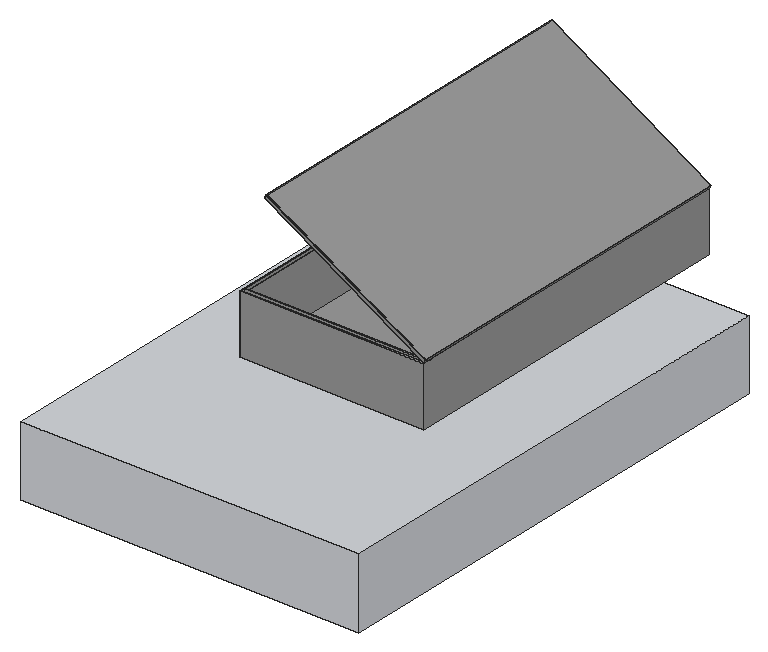
Revit family "Hager-Univers-IP55-D275-H1550-Cl.II-Steel_encl-PT-pt", category Equipement électrique, Revit 2020
Family settings
  Hôte = Face
  Configuration du panneau = Deux colonnes, circuits au sein
  Cote de connecteur circulaire = Utiliser le diamètre
  Type d'élément = Tableau de raccordement
  Couper avec des vides une fois chargée = Non
  Partagée = Non
  Point de calcul de pièce = Non
Parameters (values of type "Montagem em superfície (gesso) IP55 L800 A1550 P275  - FR03S")
  Width Control [instance] = if([EF000008 - Largura] > Min Width, [EF000008 - Largura], Min Width)  # 800 mm
  Commentaires du type = [HG000003 - Gama]  # "Univers"
  Thickness Door [instance] = if([EF009171 - Espessura do material da porta/tampa] > 3 mm, 3 mm, [EF009171 - Espessura do material da porta/tampa])  # 1.5 mm
  Seal Frame Offset [instance] = 17 mm  # constant formula
  Plinth Visibility [instance] = [HG000027 - Altura da Plinta] > 0 mm  # no
  Model = ""
  Min Width [instance] = 100 mm  # constant formula
  Min Height [instance] = 100 mm  # constant formula
  Min Depth [instance] = (2 * [EF009170 - Espessura do material do invólucro]) + 1 mm  # 4 mm
  Internal Frame Depth [instance] = (Door System Depth * 0.5)  # 9 mm
  Height Control [instance] = if([EF000040 - Altura] > Min Height, [EF000040 - Altura], Min Height)  # 1550 mm
  HG000027 - Altura da Plinta = 0 mm
  HG000026 - Instalação no chão = no
  HG000024 - Altura da secção inferior = 800 mm
  HG000023 - Recinto de secção dupla = no
  HG000016 - Visibilidade da porta 3D [instance] = yes
  HG000015 - Visibilidade através da porta [instance] = no
  HG000014 - Porta à direita [instance] = yes
  HG000013 - Porta à esquerda [instance] = not([HG000014 - Porta à direita])  # no
  HG000012 - Ângulo de abertura de porta [instance] = 30.00°
  HG000010 - Portas assimétricas = no
  HG000009 - Porta dupla = no
  HG000006 - Encastrado = no
  HG000004 - Referência do Fabricante = "FR03S"
  HG000003 - Gama = "Univers"
  HG000002 - Com porta ou tampa = yes
  Frame Offset Bottom [instance] = 10 mm  # constant formula
  Frame Offset [instance] = 15 mm  # constant formula
  EF015940 - Tampa com libertação de sobrepressão = no
  EF011959 - Grau de proteção (NEMA) = ""
  EF009554 - Número de aberturas para placas de flange = 6
  Fabricant = "Hager"  # constant formula
  EF009212 - Tipo de tampa = "EV000116 - Fechado"
  EF009171 - Espessura do material da porta/tampa = 1.5 mm
  EF009170 - Espessura do material do invólucro = 1.5 mm
  EF008873 - Corrente nominal (In) = 800 A
  EF007800 - Adequado para proteção contra raios = no
  EF006306 - Com fecho = no
  EF006244 - Tampa/porta transparente = no
  EF005474 - Grau de proteção (IP) = "EV006420 - IP55"
  EF004464 - Tipo de porta = "EV002646 - Único"
  EF004427 - Número de módulos = 360
  EF004293 - Força de impacto = "EV008784 - IK10"
  EF003532 - Adequado para uso no exterior = no
  EF002950 - Largura em número de módulos = 24
  EF001613 - Integridade do circuito = "EV000494 - Nenhum"
  EF001596 - Material do corpo = "EV000179 - Aço"
  EF001131 - Profundidade interior = 275 mm
  EF001088 - Extensão possível = yes
  EF000437 - Número de entradas de condutores = 6
  EF000339 - Tipo de difusor = "EV004216 - Porta"
  EF000266 - Número de linhas = 10
  EF000218 - Profundidade incorporada = 0 mm
  EF000118 - Com tampa de montagem = no
  EF000116 - Número RAL = "7035"
  EF000049 - Profundidade = 275 mm
  EF000040 - Altura = 1550 mm
  EF000008 - Largura = 800 mm
  EF000007 - Cor = "EV000270 - Cinzento"
  EF000003 - Método de montagem = "EV000384 - Montagem em superfície (gesso)"
  Door System Leaf Tolerance [instance] = 1.5 mm  # constant formula
  Door System Depth [instance] = 18 mm  # constant formula
  Door Height [instance] = Height Control - [HG000027 - Altura da Plinta]  # 1550 mm
  Depth Control [instance] = if([EF000049 - Profundidade] > Min Depth, [EF000049 - Profundidade], Min Depth)  # 275 mm
  Default Elevation = 0 mm
  Connector Offset [instance] = Height Control / 2  # 775 mm
  Bottom Top Plate Trim [instance] = 1.5 mm  # constant formula
  Plinth height Ctrl [instance] = if([HG000027 - Altura da Plinta] > 0 mm, [HG000027 - Altura da Plinta], 12 mm)  # 12 mm
Types (5, lengths in mm): name | Width Control | HG000010 - Portas assimétricas | HG000009 - Porta dupla | HG000004 - Referência do Fabricante | EF009554 - Número de aberturas para placas de flange | EF004464 - Tipo de porta | EF004427 - Número de módulos | EF000437 - Número de entradas de condutores | EF000008 - Largura
  Montagem em superfície (gesso) IP55 L1050 A1550 P275  - FR04S | 1050 | no | yes | "FR04S" | 8 | "EV003602 - Duplo" | 480 | 8 | 1050
  Montagem em superfície (gesso) IP55 L1300 A1550 P275  - FR05S | 1300 | yes | yes | "FR05S" | 10 | "EV003602 - Duplo" | 600 | 10 | 1300
  Montagem em superfície (gesso) IP55 L300 A1550 P275  - FR01S | 300 | no | no | "FR01S" | 2 | "EV002646 - Único" | 120 | 2 | 300
  Montagem em superfície (gesso) IP55 L550 A1550 P275  - FR02S | 550 | no | no | "FR02S" | 4 | "EV002646 - Único" | 240 | 4 | 550
  Montagem em superfície (gesso) IP55 L800 A1550 P275  - FR03S | 800 | no | no | "FR03S" | 6 | "EV002646 - Único" | 360 | 6 | 800
Reference planes
  plane 1 "Center (Front/Back)": y = 0
  plane 2: z = 0
  plane 3 "Center (Left/Right)": x = 0
  plane 4: z = 275
  plane 5: y = 1.5
  plane 6: y = 775
  plane 7: y = 0
  plane 8: y = 1550
  plane 9: z = 0
  plane 10: x = -385
  plane 11: x = 385
  plane 12: x = 383.5
  plane 13: x = -383.5
  plane 14: y = 1548.5
  plane 15: x = -383
  plane 16: x = -400
  plane 17: x = 383
  plane 18: x = 400
  plane 19: x = 398.5
  plane 20: x = -398.5
  plane 21: y = 11.5
  plane 22: y = 1550
  plane 23: y = 1533.5
  plane 24: z = 257
  plane 25: z = 1.5
  plane 26: z = 255.5
  plane 27: z = 273.5
Forms (mm)
  Extrusion 1, solid
    sketch origin (0, 0, 0) x (1, 0, 0) y (0, 1, 0)
      loop
        line (-702.964, 1305) -> (-702.964, -811.445) -> (766.763, -811.445) -> (766.763, 1305) -> (-702.964, 1305)
    from 0 to -304.8
  Extrusion 2, solid, material "Hager_Steel_RAL7035_Light_Grey", visible <- "Plinth Visibility", detail levels medium+fine
    sketch origin (0, 0, 0) x (1, 0, 0) y (0, 1, 0)
      loop
        line (-400, 0) -> (400, 0) -> (400, 12) -> (-400, 12) -> (-400, 0)
    from 0 to 257
  Extrusion 3, solid, material "Hager_Steel_RAL7035_Light_Grey", detail levels medium+fine
    sketch origin (0, 0, 0) x (1, 0, 0) y (0, 1, 0)
      loop
        line (-400, 0) -> (400, 0) -> (400, 1550) -> (-400, 1550) -> (-400, 0)
    from 0 to 257
  Extrusion 4, void
    sketch origin (0, 0, 0) x (1, 0, 0) y (0, 1, 0)
      loop
        line (-398.5, 1.5) -> (398.5, 1.5) -> (398.5, 1548.5) -> (-398.5, 1548.5) -> (-398.5, 1.5)
    from 1.5 to 255.5
  Extrusion 5, void
    sketch origin (-381.607, -4572, 257) x (0, -1, 0) y (-1, 0, 0)
      loop
        line (-4583.5, 1.893) -> (-6105.5, 1.893) -> (-6105.5, -765.107) -> (-4583.5, -765.107) -> (-4583.5, 1.893)
    from 0 to 1.5 <- "EF009170 - Espessura do material do invólucro"
  Extrusion 6, solid, material "Hager_Steel_RAL7035_Light_Grey", detail levels fine
    sketch origin (0, 0, 257) x (1, 0, 0) y (0, 1, 0)
      loop
        line (-383.5, 1533.5) -> (-383.5, 11.5) -> (383.5, 11.5) -> (383.5, 1533.5) -> (-383.5, 1533.5)
      loop
        line (-385, 10) -> (385, 10) -> (385, 1535) -> (-385, 1535) -> (-385, 10)
    from 0 to 9 <- "Internal Frame Depth"
  Extrusion 7, solid, material "Hager_Steel_RAL7035_Light_Grey", detail levels coarse
    sketch origin (0, 0, 0) x (1, 0, 0) y (0, 1, 0)
      loop
        line (-400, 0) -> (400, 0) -> (400, 1550) -> (-400, 1550) -> (-400, 0)
    from 0 to 275
  Sweep 8, void
    path in 3D
      loop
        line (-400, 12, 0) -> (400, 12, 0) -> (400, 12, 257) -> (-400, 12, 257) -> (-400, 12, 0)
    profile origin (-400, 12, 128.5) x (-1, 0, 0) y (0, -1, 0)
      loop
        line (0, 0) -> (0, 1.5) -> (-1.5, 1.5)
        arc (-1.5, 1.5) -> (-1.061, 0.439) -> (0, 0) r 1.5
Cuts and joins
  Extrusion 4, Extrusion 5 cuts Extrusion 3
  Sweep 8 cuts Extrusion 2
Lines and regions (mm)
  Masking region 1
    outline origin (0, 0, 0) x (1, 0, 0) y (0, 0, 1)
      loop
        line (-400, 275) -> (-400, 0) -> (400, 0) -> (400, 275) -> (-400, 275)
  Masking region 2, detail levels medium+fine
    outline origin (0, 140, 0) x (0, 1, 0) y (0, 0, 1)
      loop
        line (-140, 0) -> (1410, 0) -> (1410, 257) -> (-140, 257) -> (-140, 0)
  Masking region 3, not visible, detail levels medium+fine
    outline origin (0, 297.922, 0) x (0, 1, 0) y (0, 0, 1)
      loop
        line (488.578, 0) -> (528.578, 0) -> (528.578, 263.5)
        arc (528.578, 263.5) -> (525.649, 270.571) -> (518.578, 273.5) r 10
        line (518.578, 273.5) -> (488.578, 273.5) -> (488.578, 0)
  Masking region 4, detail levels coarse
    outline origin (0, 0, 180) x (0, 1, 0) y (0, 0, 1)
      loop
        line (0, -180) -> (1550, -180) -> (1550, 95) -> (0, 95) -> (0, -180)
  Masking region 5, visible <- "Plinth Visibility", detail levels medium+fine
    outline origin (0, 52.24, 12.345) x (0, 0, -1) y (0, 1, 0)
      loop
        line (10.845, -40.24) -> (-243.155, -40.24)
        arc (-243.155, -40.24) -> (-243.594, -41.301) -> (-244.655, -41.74) r 1.5
        line (-244.655, -41.74) -> (-244.655, -52.24) -> (12.345, -52.24) -> (12.345, -41.74)
        arc (12.345, -41.74) -> (11.285, -41.301) -> (10.845, -40.24) r 1.5
  Masking region 6, detail levels medium+fine
    outline origin (-381.607, -4572, 257) x (-1, 0, 0) y (0, -1, 0)
      loop
        line (18.393, -6122) -> (18.393, -4572) -> (-781.607, -4572) -> (-781.607, -6122) -> (18.393, -6122)
  Masking region 7, visible <- "Plinth Visibility", detail levels medium+fine
    outline origin (-381.607, -4727, 257) x (-1, 0, 0) y (0, -1, 0)
      loop
        arc (16.893, -4739) -> (17.332, -4737.939) -> (18.393, -4737.5) r 1.5
        line (18.393, -4737.5) -> (18.393, -4727) -> (-781.607, -4727) -> (-781.607, -4737.5)
        arc (-781.607, -4737.5) -> (-780.546, -4737.939) -> (-780.107, -4739) r 1.5
        line (-780.107, -4739) -> (16.893, -4739)
  Masking region 8, detail levels coarse
    outline origin (-442.548, -4669.526, 257) x (-1, 0, 0) y (0, -1, 0)
      loop
        line (-42.548, -6219.526) -> (-42.548, -4669.526) -> (-842.548, -4669.526) -> (-842.548, -6219.526) -> (-42.548, -6219.526)
  sketch lines
    curve 1: line (-400, 12, 257) -> (-400, 12, 0)
    curve 2: line (400, 12, 257) -> (-400, 12, 257)
    curve 3: line (400, 12, 257) -> (400, 12, 0)
    curve 4: line (-400, 12, 0) -> (400, 12, 0)
Dimensions and locks
  "Depth Control": plane 4 to Extrusion 1
  "HG000027 - Altura da Plinta": plane 1 "Center (Front/Back)" to plane 7
  "EF009170 - Espessura do material do invólucro": plane 5 to plane 7
  locked: connector elem to plane 3 "Center (Left/Right)"
  equal spacing: plane 8, plane 6, plane 7
  locked: connector elem to plane 6
  "EF009170 - Espessura do material do invólucro": plane 8 to plane 14
  "EF009170 - Espessura do material do invólucro": plane 10 to plane 13
  "EF009170 - Espessura do material do invólucro": plane 12 to plane 11
  "Frame Offset": plane 20 to plane 13
  "Frame Offset": plane 12 to plane 19
  "EF009170 - Espessura do material do invólucro": plane 16 to plane 20
  "EF009170 - Espessura do material do invólucro": plane 19 to plane 18
  "Seal Frame Offset": plane 16 to plane 15
  "Seal Frame Offset": plane 17 to plane 18
  "Frame Offset Bottom": plane 21 to plane 5
  "Frame Offset": plane 14 to plane 23
  equal spacing: plane 16, plane 3 "Center (Left/Right)", plane 18
  "Width Control": plane 16 to plane 18
  "EF009170 - Espessura do material do invólucro": plane 4 to plane 27
  "EF009170 - Espessura do material do invólucro": plane 24 to plane 26
  "EF009170 - Espessura do material do invólucro": plane 25 to level
  "Door System Depth": plane 4 to plane 24
  "Height Control": plane 1 "Center (Front/Back)" to Extrusion 7 sketch curve
  "Height Control": Masking region 4 sketch curve to plane 1 "Center (Front/Back)"
  "Height Control": plane 1 "Center (Front/Back)" to plane 22
  "Bottom Top Plate Trim": profile plane to Sweep 8 sketch curve
  "Bottom Top Plate Trim": Sweep 8 sketch curve to profile plane
  "Plinth height Ctrl": plane 1 "Center (Front/Back)" to Extrusion 2 sketch curve
  "Plinth height Ctrl": Masking region 5 sketch curve to plane 1 "Center (Front/Back)"
  "Plinth height Ctrl": plane 1 "Center (Front/Back)" to Masking region 7 sketch curve
  "Thickness Door": Extrusion 6 sketch curve to Extrusion 6 sketch curve  (x3)
  "Thickness Door": cut or joined group of Extrusion 3, Extrusion 4, Extrusion 5 to Extrusion 6 sketch curve
  radius of Masking region 3 sketch curve = 10 mm
  "Bottom Top Plate Trim": radius of Masking region 5 sketch curve  (x2)
  "Bottom Top Plate Trim": radius of Sweep 8 sketch curve
  "Bottom Top Plate Trim": radius of Masking region 7 sketch curve  (x2)
  aligned and locked: plane 2 to Extrusion 1
  aligned and locked: level to Extrusion 1
  aligned and locked: level to Masking region 1 sketch curve
  aligned and locked: Masking region 1 sketch curve to plane 18
  aligned and locked: Masking region 1 sketch curve to plane 16
  aligned and locked: plane 7 to Masking region 2 sketch curve
  aligned and locked: level to Masking region 3 sketch curve
  aligned and locked: Masking region 3 sketch curve to plane 27
  aligned and locked: level to Masking region 2 sketch curve
  aligned and locked: plane 1 "Center (Front/Back)" to Extrusion 2 sketch curve
  aligned and locked: Extrusion 3 sketch curve to plane 7
  aligned and locked: plane 16 to Extrusion 3 sketch curve
  aligned and locked: plane 18 to Extrusion 3 sketch curve
  aligned and locked: plane 20 to Extrusion 4 sketch curve
  aligned and locked: plane 19 to Extrusion 4 sketch curve
  aligned and locked: Extrusion 4 sketch curve to plane 5
  aligned and locked: Extrusion 4 to plane 25
  aligned and locked: plane 26 to Extrusion 4
  aligned and locked: plane 24 to Extrusion 3
  aligned and locked: Extrusion 5 sketch curve to plane 21
  aligned and locked: Extrusion 5 sketch curve to plane 13
  aligned and locked: Extrusion 5 sketch curve to plane 12
  aligned and locked: plane 18 to Extrusion 7 sketch curve
  aligned and locked: plane 1 "Center (Front/Back)" to Extrusion 7 sketch curve
  aligned and locked: plane 16 to Extrusion 7 sketch curve
  aligned and locked: plane 4 to Extrusion 7
  aligned and locked: Extrusion 7 to level
  aligned and locked: level to Masking region 4 sketch curve
  aligned and locked: Masking region 4 sketch curve to plane 1 "Center (Front/Back)"
  aligned and locked: Masking region 4 sketch curve to plane 4
  aligned and locked: nested 1 to level
  aligned and locked: nested 1 to plane 16
  aligned and locked: plane 8 to Extrusion 3 sketch curve
  aligned and locked: plane 23 to Extrusion 5 sketch curve
  aligned and locked: plane 14 to Extrusion 4 sketch curve
  aligned and locked: Masking region 2 sketch curve to plane 8
  aligned and locked: level to Masking region 5 sketch curve
  aligned and locked: plane 16 to Extrusion 2 sketch curve
  aligned and locked: plane 18 to Extrusion 2 sketch curve
  aligned and locked: Masking region 5 sketch curve to plane 24
  aligned and locked: Masking region 2 sketch curve to plane 24
  aligned and locked: plane 24 to Extrusion 2
  aligned and locked: profile plane to Sweep 8 sketch curve  (x2)
  aligned and locked: Masking region 6 sketch curve to plane 18
  aligned and locked: Masking region 6 sketch curve to plane 22
  aligned and locked: Masking region 6 sketch curve to plane 16
  aligned and locked: plane 8 to plane 22
  aligned and locked: Masking region 6 sketch curve to plane 7
  aligned and locked: Masking region 7 sketch curve to plane 16
  aligned and locked: Masking region 7 sketch curve to plane 1 "Center (Front/Back)"
  aligned and locked: Masking region 7 sketch curve to plane 18
  aligned and locked: Masking region 8 sketch curve to plane 1 "Center (Front/Back)"
  aligned and locked: Masking region 8 sketch curve to plane 18
  aligned and locked: Masking region 8 sketch curve to plane 22
  aligned and locked: Masking region 8 sketch curve to plane 16
  aligned and locked: nested 2 to plane 7
  aligned and locked: plane 3 "Center (Left/Right)" to nested 2
  aligned and locked: nested 2 to plane 24
  aligned and locked: Extrusion 6 sketch curve to cut or joined group of Extrusion 3, Extrusion 4, Extrusion 5  (x4)
Automatic sketch dimensions
  Extrusion 1 sketch curve to Extrusion 1 sketch curve = 1469.727 mm
  Extrusion 1 sketch curve to Extrusion 1 sketch curve = 2116.445 mm
  Masking region 1 sketch curve to plane 4 = 0 mm
  plane 6 to Masking region 3 sketch curve = 11.5 mm
  Masking region 3 sketch curve to Masking region 3 sketch curve = 30 mm
  Masking region 5 sketch curve to plane 1 "Center (Front/Back)" = 0 mm
Nested families
  nested 1: "Hager_Enclosure_Symbol" at (-400, 0, 0) x (1, 0, 0) z (0, -1, 0), Height <- "Depth Control", Width <- "Width Control", type "Hager_Enclosure_Symbol"
    with Width_Ctrl 800 mm, Width 800 mm, Height_Ctrl 275 mm, Height 275 mm, A_Width_Int 18.047 mm, A_Width 216.562 mm, A_Height_Ctrl 240.625 mm, A_Height 240.625 mm
  nested 2: "EC000058_Univers_Door" at (0, 0, 257) x (1, 0, 0) z (0, 1, 0), Leaf_Tolerance <- "Door System Leaf Tolerance", Angle <- "HG000012 - Ângulo de abertura de porta", Door_Depth <- "Door System Depth", Door_Left <- "HG000013 - Porta à esquerda", Transparent <- "EF006244 - Tampa/porta transparente", Assymetrical <- "HG000010 - Portas assimétricas", Width <- "Width Control", Clearance <- "HG000015 - Visibilidade através da porta", Double <- "HG000009 - Porta dupla", 3d_Door <- "HG000016 - Visibilidade da porta 3D", Lock_Visibility <- "EF006306 - Com fecho", Width_Ctrl <- "Width Control", Door_Right <- "HG000014 - Porta à direita", Door <- "HG000002 - Com porta ou tampa", Height <- "Door Height", Thickness <- "Thickness Door", type "EC000058_Univers_Door", detail levels medium+fine
    with min_wh 4 mm, Width_Ctrl 800 mm, Width 800 mm, Transparent no, Thickness 1.5 mm, Seal_Material Hager_Rubber, Lock_Visibility no, Lock_Material Hager_Plastic_RAL9005_Jet_Black, Leaf_Width 800 mm, Leaf_Tolerance_External_Sides 0 mm, Leaf_Tolerance 1.5 mm, Leaf_Offset 0 mm, Leaf_Height 1547 mm, Leaf_2_Width 800 mm, Leaf_2_Offset 400 mm, Leaf_1_Width 800 mm, Leaf_1_Offset 400 mm, Height_Ctrl 1550 mm, Height 1550 mm, Glass_Material Hager_Glass, Double_Clearance_Ctrl no, Double no, Door_Right_Ctrl yes, Door_Right yes, Door_Material Hager_Steel_RAL7035_Light_Grey, Door_Left_Ctrl no, Door_Left no, Door_Depth 18 mm, Door yes, Clearance_Material Hager_Clearance, Clearance_Depth 800 mm, Clearance_Ctrl no, Clearance no, Assymetrical no, Angle 30.00°, 3d_Door yes
Connectors
  electrical at (0, 775, 0)
    settings: on plane 9, index 1, voltage 0 V, apparent load 0 VA, apparent load phase1 0 VA, apparent load phase2 0 VA, apparent load phase3 0 VA, power factor 1, load classification "Other", number of poles 1, system type 30, power factor state 1, is connector primary yes, connector utility no, sub classification motor no, connector description ""
Definition of nested family "EC000058_Univers_Door"
  Parameters (values of type "EC000058_Univers_Door")
    min_wh [instance] = (2 * Thickness) + 1 mm  # 11 mm
    Width_Ctrl [instance] = 400 mm
    Width [instance] = 500 mm
    Transparent [instance] = yes
    Thickness [instance] = 5 mm
    Seal_Material [instance] = none
    Lock_Visibility [instance] = yes
    Lock_Material [instance] = none
    Leaf_Width [instance] = if((Width_Ctrl - 2 * Leaf_Tolerance_External_Sides) > 0 mm, (Width_Ctrl - 2 * Leaf_Tolerance_External_Sides), min_wh)  # 400 mm
    Leaf_Tolerance_External_Sides [instance] = 0 mm  # constant formula
    Leaf_Tolerance [instance] = 1.5 mm
    Leaf_Offset [instance] = 0 mm  # constant formula
    Leaf_Height [instance] = if((Height_Ctrl - 2 * Leaf_Tolerance) > 0 mm, (Height_Ctrl - 2 * Leaf_Tolerance), min_wh)  # 497 mm
    Leaf_2_Width [instance] = if(and(and(Double, Assymetrical), Door_Left), (Leaf_Width / 3) - (Leaf_Tolerance / 2), if(and(and(Double, Assymetrical), Door_Right), (Leaf_Width / 3) * 2 - (Leaf_Tolerance / 2), if(and(Double, not(Assymetrical)), (Leaf_Width / 2) - Leaf_Tolerance, Leaf_Width)))  # 400 mm
    Leaf_2_Offset [instance] = if(and(Double, Assymetrical), Leaf_2_Width / 2, if(and(Double, not(Assymetrical)), Leaf_Width / 4, Leaf_Width / 2))  # 200 mm
    Leaf_1_Width [instance] = if(and(and(Double, Assymetrical), Door_Right), (Leaf_Width / 3) - (Leaf_Tolerance / 2), if(and(and(Double, Assymetrical), Door_Left), (Width / 3) * 2 - (Leaf_Tolerance / 2), if(and(Double, not(Assymetrical)), (Leaf_Width / 2) - Leaf_Tolerance, Leaf_Width)))  # 400 mm
    Leaf_1_Offset [instance] = if(and(Double, Assymetrical), Leaf_1_Width / 2, if(and(Double, not(Assymetrical)), Leaf_Width / 4, Leaf_Width / 2))  # 200 mm
    Height_Ctrl [instance] = if(Height > min_wh, Height, min_wh)  # 500 mm
    Height [instance] = 500 mm
    Glass_Material [instance] = none
    Double_Clearance_Ctrl [instance] = and(Double, Clearance)  # no
    Double [instance] = no
    Door_Right_Ctrl [instance] = and(or(Door_Right, Double), Door)  # yes
    Door_Right [instance] = yes
    Door_Material [instance] = none
    Door_Left_Ctrl [instance] = and(or(Door_Left, Double), Door)  # no
    Door_Left [instance] = no
    Door_Depth [instance] = 30 mm
    Door [instance] = yes
    Default Elevation = 1219.2 mm
    Clearance_Material [instance] = none
    Clearance_Depth [instance] = if(Leaf_1_Width > Leaf_2_Width, Leaf_1_Width, Leaf_2_Width)  # 400 mm
    Clearance_Ctrl [instance] = and(not(Double), Clearance)  # yes
    Clearance [instance] = yes
    Assymetrical [instance] = yes
    Angle [instance] = 30.00°
    3d_Door [instance] = yes
  Reference planes
    plane 1 "Center (Front/Back)": y = 0
    plane 2 "Bottom": z = 0
    plane 3 "Center (Left/Right)": x = 0
    plane 4: z = 500
    plane 5: x = -200
    plane 6: x = 200
    plane 7: z = 500
    plane 8: x = -200
    plane 9: z = 0
    plane 10: x = 200
    plane 11: y = 0
    plane 12: z = 1.5
    plane 13: x = -600
    plane 14: y = -400
    plane 15: x = 600
    plane 16: x = 0
    plane 17: x = 0
    plane 18: x = -200
    plane 19: x = 200
    plane 20: z = 498.5
  Forms (mm)
    Extrusion 1, solid, material <- "Clearance_Material", visible <- "Double_Clearance_Ctrl"
      sketch origin (1200, 0, 0) x (1, 0, 0) y (0, 0, -1)
        loop
          line (-1800, -498.5) -> (-600, -498.5) -> (-600, 0) -> (-1800, 0) -> (-1800, -498.5)
      from 0 to -400
  Dimensions and locks
    equal spacing: plane 5, plane 3 "Center (Left/Right)", plane 6
    "Width_Ctrl": plane 5 to plane 6
    "Leaf_Offset": plane 5 to plane 8
    "Leaf_Offset": plane 6 to plane 10
    "Leaf_Offset": plane 9 to level
    "Leaf_Offset": plane 4 to plane 7
    "Height_Ctrl": plane 4 to level
    "Leaf_Tolerance": plane 12 to plane 9
    locked: plane 11 to plane 1 "Center (Front/Back)"
    "Leaf_1_Offset": plane 18 to plane 16
    "Leaf_2_Offset": plane 17 to plane 19
    "Leaf_1_Width": plane 13 to plane 8
    "Leaf_2_Width": plane 10 to plane 15
    "Clearance_Depth": plane 14 to plane 1 "Center (Front/Back)"
    "Leaf_Tolerance_External_Sides": plane 8 to plane 18
    "Leaf_Tolerance_External_Sides": plane 19 to plane 10
    "Leaf_Tolerance": plane 7 to plane 20
    aligned and locked: level to plane 2 "Bottom"
    aligned and locked: nested 1 to plane 16
    aligned and locked: nested 2 to plane 17
    aligned and locked: Extrusion 1 to plane 13
    aligned and locked: plane 15 to Extrusion 1
    aligned and locked: Extrusion 1 to plane 14
    aligned and locked: plane 12 to nested 1
    aligned and locked: nested 2 to plane 12
    aligned and locked: Extrusion 1 to plane 11
    aligned and locked: plane 20 to Extrusion 1
    aligned and locked: nested 2 to plane 11
    aligned and locked: nested 1 to plane 11
  Automatic sketch dimensions
    Extrusion 1 sketch curve to level = 0 mm
    plane 5 to Extrusion 1 sketch curve = 400 mm
    plane 6 to Extrusion 1 sketch curve = 400 mm
    Extrusion 1 sketch curve to plane 4 = 1.5 mm
  Nested families
    nested 1: "EC000058_Univers_Door_Leaf" at (0, 0, 1.5), Width <- "Leaf_1_Width", visible <- "Door_Left_Ctrl", Leaf_Height <- "Leaf_Height", Angle <- "Angle", 3d_Door <- "3d_Door", Transparent <- "Transparent", Clearance Material <- "Clearance_Material", Clearance <- "Clearance_Ctrl", Door_Material <- "Door_Material", Glass_Material <- "Glass_Material", Door_Depth <- "Door_Depth", Lock_Material <- "Lock_Material", Seal_Material <- "Seal_Material", Lock_Visibility <- "Lock_Visibility", Thickness <- "Thickness", type "EC000058_Univers_Door_Leaf"
      with Width 400 mm, Transparent_Glass_Offset 30 mm, Transparent_Ctrl yes, Transparent yes, Thickness 5 mm, Standard no, Seal_Material none, Seal_D2 8 mm, Seal_D1 1 mm, Offset_Internal_Frame 10 mm, Lock_Width 20 mm, Lock_Visibility_3d yes, Lock_Visibility yes, Lock_Thickness_3 3 mm, Lock_Thickness_2 1 mm, Lock_Thickness_1 3 mm, Lock_Radius_Offset_2 16 mm, Lock_Radius_Offset_1 15 mm, Lock_Radius_2 5 mm, Lock_Radius 6 mm, Lock_Offset 5 mm, Lock_Material none, Lock_Height 80 mm, Lock_Cover_Top_Offset_2d 17 mm, Lock_Cover_Height -65 mm, Leaf_Height 497 mm, Internal_Seal_Thickness 8 mm, Internal_Seal_Depth_2 4.5 mm, Internal_Frame_Depth 25 mm, Glass_Thickness -1 mm, Glass_Offset -2 mm, Glass_Material none, Door_Material none, Door_Depth 30 mm, Clearance Material none, Clearance yes, Angle_Ctrl 30.00°, Angle 30.00°, 3d_Door yes
    nested 2: "EC000058_Univers_Door_Leaf" at (0, 0, 1.5) x (-1, 0, 0) z (0, 0, 1), Width <- "Leaf_2_Width", visible <- "Door_Right_Ctrl", Leaf_Height <- "Leaf_Height", Angle <- "Angle", 3d_Door <- "3d_Door", Transparent <- "Transparent", Clearance Material <- "Clearance_Material", Clearance <- "Clearance_Ctrl", Door_Material <- "Door_Material", Glass_Material <- "Glass_Material", Door_Depth <- "Door_Depth", Lock_Material <- "Lock_Material", Seal_Material <- "Seal_Material", Lock_Visibility <- "Lock_Visibility", Thickness <- "Thickness", type "EC000058_Univers_Door_Leaf"
      with Width 400 mm, Transparent_Glass_Offset 30 mm, Transparent_Ctrl yes, Transparent yes, Thickness 5 mm, Standard no, Seal_Material none, Seal_D2 8 mm, Seal_D1 1 mm, Offset_Internal_Frame 10 mm, Lock_Width 20 mm, Lock_Visibility_3d yes, Lock_Visibility yes, Lock_Thickness_3 3 mm, Lock_Thickness_2 1 mm, Lock_Thickness_1 3 mm, Lock_Radius_Offset_2 16 mm, Lock_Radius_Offset_1 15 mm, Lock_Radius_2 5 mm, Lock_Radius 6 mm, Lock_Offset 5 mm, Lock_Material none, Lock_Height 80 mm, Lock_Cover_Top_Offset_2d 17 mm, Lock_Cover_Height -65 mm, Leaf_Height 497 mm, Internal_Seal_Thickness 8 mm, Internal_Seal_Depth_2 4.5 mm, Internal_Frame_Depth 25 mm, Glass_Thickness -1 mm, Glass_Offset -2 mm, Glass_Material none, Door_Material none, Door_Depth 30 mm, Clearance Material none, Clearance yes, Angle_Ctrl 30.00°, Angle 30.00°, 3d_Door yes
  Definition of nested family "EC000058_Univers_Door_Leaf"
    Parameters (values of type "EC000058_Univers_Door_Leaf")
      Width [instance] = 2000 mm
      Transparent_Glass_Offset [instance] = 30 mm
      Transparent_Ctrl [instance] = and(Transparent, [3d_Door])  # yes
      Transparent [instance] = yes
      Thickness [instance] = 5 mm
      Standard [instance] = and(not(Transparent), [3d_Door])  # no
      Seal_Material [instance] = none
      Seal_D2 [instance] = 8 mm  # constant formula
      Seal_D1 [instance] = 1 mm  # constant formula
      Offset_Internal_Frame [instance] = 10 mm  # constant formula
      Lock_Width [instance] = 20 mm  # constant formula
      Lock_Visibility_3d [instance] = and(Lock_Visibility, [3d_Door])  # yes
      Lock_Visibility [instance] = yes
      Lock_Thickness_3 [instance] = 3 mm  # constant formula
      Lock_Thickness_2 [instance] = 1 mm  # constant formula
      Lock_Thickness_1 [instance] = 3 mm  # constant formula
      Lock_Radius_Offset_2 [instance] = Lock_Radius_Offset_1 + 1 mm  # 16 mm
      Lock_Radius_Offset_1 [instance] = 15 mm  # constant formula
      Lock_Radius_2 [instance] = Lock_Radius - 1 mm  # 5 mm
      Lock_Radius [instance] = 6 mm  # constant formula
      Lock_Offset [instance] = 5 mm  # constant formula
      Lock_Material [instance] = none
      Lock_Height [instance] = 80 mm  # constant formula
      Lock_Cover_Top_Offset_2d [instance] = Lock_Radius_Offset_2 + 1 mm  # 17 mm
      Lock_Cover_Height [instance] = -(Lock_Height - Lock_Radius_Offset_1)  # -65 mm
      Leaf_Height [instance] = 2720.336 mm
      Internal_Seal_Thickness [instance] = 8 mm  # constant formula
      Internal_Seal_Depth_2 [instance] = 4.5 mm  # constant formula
      Internal_Frame_Depth [instance] = if(Door_Depth - Thickness > 5 mm, Door_Depth - Thickness, 5 mm)  # 25 mm
      Glass_Thickness [instance] = if(Thickness > 15 mm, Glass_Offset + 10 mm, -1 mm)  # -1 mm
      Glass_Offset [instance] = if(Thickness > 15 mm, -(Thickness + 10 mm) / 2, -2 mm)  # -2 mm
      Glass_Material [instance] = none
      Door_Material [instance] = none
      Door_Depth [instance] = 30 mm
      Default Elevation = 0 mm
      Clearance Material [instance] = none
      Clearance [instance] = yes
      Angle_Ctrl [instance] = if(Angle > 180.00°, 180.00°, Angle)  # 90.00°
      Angle [instance] = 90.00°
      3d_Door [instance] = yes
    Reference planes
      plane 1 "Center (Front/Back)": y = 0
      plane 2: z = 0
      plane 3 "Center (Left/Right)": x = 0
      plane 4: y = 2000
      plane 5: x = -1000
      plane 6: x = 1000
      plane 7: x = -3000
      plane 8: z = 2720.336
      plane 9: z = 30
      plane 10: z = 2690.336
      plane 11: x = 970
      plane 12: x = -970
      plane 13: y = -3
      plane 14: z = 107.833
      plane 15: y = -5
      plane 16: y = -223.314
      plane 17: x = -1000
      plane 18: z = 1360.168
      plane 19: y = 30
    Forms (mm)
      Extrusion 1, solid, material <- "Clearance Material", visible <- "Clearance"
        sketch origin (0, 0, 0) x (1, 0, 0) y (0, 0, 1)
          loop
            line (-3000, 2720.336) -> (-3000, 0) -> (1000, 0) -> (1000, 2720.336) -> (-3000, 2720.336)
        from 0 to -2000
      Extrusion 2, solid, material <- "Door_Material", visible <- "Standard", detail levels medium+fine
        sketch origin (-1000, 0, 0) x (0, 1, 0) y (-1, 0, 0)
          loop
            line (0, 30) -> (0, 25) -> (2000, 25) -> (2000, 30) -> (0, 30)
        from 0 to 2720.336 <- "Leaf_Height"
      Extrusion 3, solid, material <- "Door_Material", visible <- "Transparent_Ctrl", detail levels medium+fine
        sketch origin (-1000, 0, 0) x (0, 1, 0) y (-1, 0, 0)
          loop
            line (0, 25) -> (2000, 25) -> (2000, 30) -> (0, 30) -> (0, 25)
        from 0 to 2720.336 <- "Leaf_Height"
      Extrusion 4, void
        sketch origin (-1025, 2000, 0) x (0, 1, 0) y (0, 0, -1)
          loop
            line (-30, -2690.336) -> (-30, -30) -> (-1970, -30) -> (-1970, -2690.336) -> (-30, -2690.336)
        from 0 to 5 <- "Thickness"
      Sweep 5, solid, material <- "Seal_Material", visible <- "Transparent_Ctrl", detail levels fine
        path in 3D
          loop
            line (-1025, 30, 30) -> (-1025, 30, 2690.336) -> (-1025, 1970, 2690.336) -> (-1025, 1970, 30) -> (-1025, 30, 30)
        profile origin (-1025, 1000, 30) x (1, 0, 0) y (0, 0, 1)
          loop
            line (0, 0) -> (0, -8) -> (1, -8) -> (1, 0) -> (0, 0)
      Extrusion 6, solid, material <- "Glass_Material", visible <- "Transparent_Ctrl", detail levels medium+fine
        sketch origin (-1030, 0, 0) x (0, 1, 0) y (0, 0, -1)
          loop
            line (1970, -2690.336) -> (1970, -30) -> (30, -30) -> (30, -2690.336) -> (1970, -2690.336)
        from -2 <- "Glass_Offset" to -1 <- "Glass_Thickness"
      Extrusion 7, solid, material <- "Door_Material", visible <- "3d_Door", detail levels medium+fine
        sketch origin (-1025, 2000, 0) x (0, -1, 0) y (0, 0, -1)
          loop
            line (0, -2720.336) -> (2000, -2720.336) -> (2000, 0) -> (0, 0) -> (0, -2720.336)
          loop
            line (1995, -5) -> (5, -5) -> (5, -2715.336) -> (1995, -2715.336) -> (1995, -5)
        from 0 to 25 <- "Internal_Frame_Depth"
      Sweep 8, solid, material <- "Seal_Material", visible <- "Transparent_Ctrl", detail levels fine
        path in 3D
          loop
            line (-1025, 0, 0) -> (-1025, 2000, 0) -> (-1025, 2000, 2720.336) -> (-1025, 0, 2720.336) -> (-1025, 0, 0)
        profile origin (-1025, 0, 1360.168) x (1, 0, 0) y (0, 1, 0)
          loop
            line (0, 10) -> (2.975, 10)
            arc (2.975, 10) -> (4.053, 10.447) -> (4.5, 11.525) r 1.525
            line (4.5, 11.525) -> (4.5, 16.527)
            arc (4.5, 16.527) -> (4.069, 17.569) -> (3.027, 18) r 1.473
            line (3.027, 18) -> (0, 18) -> (0, 10)
      Extrusion 9, solid, material <- "Lock_Material", visible <- "Lock_Visibility_3d", detail levels fine
        sketch origin (-1030, 0, 0) x (0, 1, 0) y (0, 0, -1)
          loop
            arc (1993.5, -1400.168) -> (1994.561, -1399.729) -> (1995, -1398.668) r 1.5
            line (1995, -1398.668) -> (1995, -1320.168) -> (1975, -1320.168) -> (1975, -1398.668)
            arc (1975, -1398.668) -> (1975.439, -1399.729) -> (1976.5, -1400.168) r 1.5
            line (1976.5, -1400.168) -> (1993.5, -1400.168)
        from 3 <- "Lock_Thickness_1" to 0
      Blend 10, solid, material <- "Lock_Material", visible <- "Lock_Visibility_3d", detail levels fine
        base sketch origin (-1033, 0, 0) x (0, 1, 0) y (0, 0, -1)
          loop
            line (1975, -1320.168) -> (1975, -1398.668)
            arc (1975, -1398.668) -> (1975.439, -1399.729) -> (1976.5, -1400.168) r 1.5
            line (1976.5, -1400.168) -> (1993.5, -1400.168)
            arc (1993.5, -1400.168) -> (1994.561, -1399.729) -> (1995, -1398.668) r 1.5
            line (1995, -1398.668) -> (1995, -1320.168) -> (1975, -1320.168)
        top sketch origin (-1033, 0, 0) x (0, 1, 0) y (0, 0, -1)
          loop
            line (1976, -1320.168) -> (1976, -1398.668)
            arc (1976, -1398.668) -> (1976.146, -1399.022) -> (1976.5, -1399.168) r 0.5
            line (1976.5, -1399.168) -> (1993.5, -1399.168)
            arc (1993.5, -1399.168) -> (1993.854, -1399.022) -> (1994, -1398.668) r 0.5
            line (1994, -1398.668) -> (1994, -1320.168) -> (1976, -1320.168)
        from 0 to 1 <- "Lock_Thickness_2"
      Blend 11, solid, material <- "Lock_Material", visible <- "Lock_Visibility_3d", detail levels fine
        base sketch origin (-1034, 0, 0) x (0, 1, 0) y (0, 0, -1)
          loop
            line (1978, -1320.168) -> (1978, -1384.168)
            arc (1978, -1384.168) -> (1985, -1391.168) -> (1992, -1384.168) r 7
            line (1992, -1384.168) -> (1992, -1320.168) -> (1978, -1320.168)
        top sketch origin (-1034, 0, 0) x (0, 1, 0) y (0, 0, -1)
          loop
            line (1991, -1320.168) -> (1979, -1320.168) -> (1979, -1383.168)
            arc (1979, -1383.168) -> (1985, -1389.168) -> (1991, -1383.168) r 6
            line (1991, -1383.168) -> (1991, -1320.168)
        from 0 to 3 <- "Lock_Thickness_3"
      Extrusion 12, solid, material <- "Lock_Material", visible <- "Lock_Visibility_3d", detail levels fine
        sketch origin (-1030, 1975, 1320.168) x (1, 0, 0) y (0, -1, 0)
          loop
            line (-7, -19) -> (-7, -1) -> (0, -1) -> (0, 0) -> (-8, 0) -> (-8, -20) -> (0, -20) -> (0, -19) -> (-7, -19)
        from 0 to -65 <- "Lock_Cover_Height"
      Extrusion 13, void
        sketch origin (-1038, 1995, 1320.168) x (-1, 0, 0) y (0, 0, -1)
          loop
            line (-5, -65) -> (0, -65) -> (-5, -60) -> (-5, -65)
        from 0 to 20 <- "Lock_Width"
      Extrusion 14, void
        sketch origin (-1038, 1975, 1320.168) x (0, -1, 0) y (0, 0, -1)
          loop
            circle (-10, -15.995) r 6
          loop
            circle (-10, -15.995) r 5
        from 0 to 2
      Extrusion 15, solid, material <- "Lock_Material", visible <- "Lock_Visibility_3d", detail levels medium
        sketch origin (-1030, 0, 0) x (0, 1, 0) y (0, 0, -1)
          loop
            arc (1993.5, -1400.168) -> (1994.561, -1399.729) -> (1995, -1398.668) r 1.5
            line (1995, -1398.668) -> (1995, -1320.168) -> (1975, -1320.168) -> (1975, -1398.668)
            arc (1975, -1398.668) -> (1975.439, -1399.729) -> (1976.5, -1400.168) r 1.5
            line (1976.5, -1400.168) -> (1993.5, -1400.168)
        from 8 to 0
    Cuts and joins
      Extrusion 4 cuts Extrusion 3
      Extrusion 13, Extrusion 14 cuts Extrusion 9
      Extrusion 14 cuts Blend 11
      Extrusion 13, Extrusion 14 cuts Extrusion 12
      joined: Extrusion 9, Blend 10, Blend 11, Extrusion 12
      Extrusion 14 cuts Extrusion 15
    Lines and regions (mm)
      Masking region 1, visible <- "Lock_Visibility", detail levels fine
        outline origin (0, 0, 0) x (0, 1, 0) y (0, 0, 1)
          loop
            line (30, 1320.168) -> (33, 1320.168) -> (33, 1400.168) -> (30, 1400.168) -> (30, 1320.168)
      Masking region 2, visible <- "Lock_Visibility", detail levels fine
        outline origin (0, 3.143, 0) x (0, 1, 0) y (0, 0, 1)
          loop
            line (29.857, 1354.168) -> (30.857, 1354.168) -> (30.857, 1366.168) -> (29.857, 1366.168) -> (29.857, 1354.168)
      Masking region 3, detail levels medium+fine
        outline origin (0, 0, 0) x (0, 1, 0) y (0, 0, 1)
          loop
            line (0, 0) -> (30, 0) -> (30, 2720.336) -> (0, 2720.336) -> (0, 0)
      Masking region 4, detail levels medium+fine
        outline origin (0, 0, 0) x (1, 0, 0) y (0, 0, 1)
          loop
            line (-1000, 2720.336) -> (-1000, 0) -> (1000, 0) -> (1000, 2720.336) -> (-1000, 2720.336)
      Masking region 5, visible <- "Lock_Visibility", detail levels fine
        outline origin (-47.116, 0, 0) x (1, 0, 0) y (0, 0, 1)
          loop
            arc (1024.616, 1399.168) -> (1023.556, 1398.729) -> (1023.116, 1397.668) r 1.5
            line (1023.116, 1397.668) -> (1023.116, 1320.168) -> (1041.116, 1320.168) -> (1041.116, 1397.668)
            arc (1041.116, 1397.668) -> (1040.677, 1398.729) -> (1039.616, 1399.168) r 1.5
            line (1039.616, 1399.168) -> (1024.616, 1399.168)
      Masking region 6, visible <- "Lock_Visibility", detail levels medium+fine
        outline origin (-25, 0, 0) x (1, 0, 0) y (0, 0, 1)
          loop
            arc (1001.5, 1400.168) -> (1000.439, 1399.729) -> (1000, 1398.668) r 1.5
            line (1000, 1398.668) -> (1000, 1320.168) -> (1020, 1320.168) -> (1020, 1398.668)
            arc (1020, 1398.668) -> (1019.561, 1399.729) -> (1018.5, 1400.168) r 1.5
            line (1018.5, 1400.168) -> (1001.5, 1400.168)
      Masking region 7, visible <- "Lock_Visibility", detail levels fine
        outline origin (-73.735, 0, 0) x (1, 0, 0) y (0, 0, 1)
          loop
            line (1051.735, 1382.168) -> (1065.735, 1382.168) -> (1065.735, 1384.168)
            arc (1065.735, 1384.168) -> (1058.735, 1391.168) -> (1051.735, 1384.168) r 7
            line (1051.735, 1384.168) -> (1051.735, 1382.168)
      Masking region 8, visible <- "Lock_Visibility", detail levels fine
        outline origin (-73.735, 0, 0) x (1, 0, 0) y (0, 0, 1)
          loop
            line (1052.735, 1382.168) -> (1064.735, 1382.168) -> (1064.735, 1383.168)
            arc (1064.735, 1383.168) -> (1058.735, 1389.168) -> (1052.735, 1383.168) r 6
            line (1052.735, 1383.168) -> (1052.735, 1382.168)
      Masking region 9, visible <- "Lock_Visibility", detail levels fine
        outline origin (-25, 0, 0) x (1, 0, 0) y (0, 0, 1)
          loop
            line (1020, 1320.168) -> (1020, 1382.168) -> (1000, 1382.168) -> (1000, 1320.168) -> (1020, 1320.168)
      Masking region 10, detail levels medium+fine
        outline origin (0, 0, 0) x (1, 0, 0) y (0, 0, 1)
          loop
            circle (985, 1335.144) r 6
      Masking region 11, detail levels fine
        outline origin (0, 0, 0) x (1, 0, 0) y (0, 0, 1)
          loop
            circle (985, 1335.144) r 5
      Masking region 12, visible <- "Lock_Visibility", detail levels fine
        outline origin (0, 12.767, 0) x (0, 1, 0) y (0, 0, 1)
          loop
            line (20.233, 1320.168) -> (21.233, 1320.168) -> (21.233, 1399.168) -> (20.233, 1400.168) -> (20.233, 1320.168)
      Masking region 13, visible <- "Lock_Visibility", detail levels fine
        outline origin (0, 13.767, -10) x (0, 1, 0) y (0, 0, 1)
          loop
            line (20.233, 1330.168) -> (23.233, 1330.168) -> (23.233, 1399.168) -> (20.233, 1402.168) -> (20.233, 1330.168)
      Masking region 14, visible <- "Lock_Visibility", detail levels fine
        outline origin (0, 12.767, -10) x (0, 1, 0) y (0, 0, 1)
          loop
            line (20.233, 1330.168) -> (25.233, 1330.168) -> (25.233, 1399.305) -> (20.233, 1394.305) -> (20.233, 1330.168)
      Masking region 15, visible <- "Lock_Visibility", detail levels medium
        outline origin (0, 0, 0) x (0, 1, 0) y (0, 0, 1)
          loop
            line (30, 1320.168) -> (38, 1320.168) -> (38, 1400.168) -> (30, 1400.168) -> (30, 1320.168)
      Masking region 16, visible <- "Lock_Visibility", detail levels fine
        outline origin (-1000, 0, 0) x (0, 1, 0) y (-1, 0, 0)
          loop
            line (1975, 30) -> (1995, 30) -> (1995, 38) -> (1975, 38) -> (1975, 30)
          loop
            line (1979, 37) -> (1976, 37) -> (1976, 34) -> (1978, 34) -> (1979, 37)
          loop
            line (1994, 37) -> (1991, 37) -> (1992, 34) -> (1994, 34) -> (1994, 37)
      Masking region 17, visible <- "Lock_Visibility", detail levels medium
        outline origin (-1000, 0, 0) x (0, 1, 0) y (-1, 0, 0)
          loop
            line (1975, 30) -> (1995, 30) -> (1995, 38) -> (1975, 38) -> (1975, 30)
      symbolic lines
        curve 1: line (1000, 0, 0) -> (-3000, 0, 0)
        curve 2: arc (1000, 0, 0) -> (-1000, 2000, 0) -> (-3000, 0, 0) r 2000
        curve 4: line (-1030, 0, 0) -> (-1030, 2000, 0)
      reference lines
        curve 3: line (-1000, 0, 0) -> (-1000, 2000, 0)
      symbolic lines, detail levels medium+fine
        curve 5: line (-1030, 2000, 0) -> (-1025, 2000, 0)
        curve 7: line (-1025, 0, 0) -> (-1030, 0, 0)
        curve 8: line (-1025, 0, 0) -> (-1000, 0, 0)
        curve 9: line (-1000, 0, 0) -> (-1000, 2000, 0)
        curve 10: line (-1000, 2000, 0) -> (-1025, 2000, 0)
      symbolic lines, detail levels fine
        curve 6: line (-1025, 2000, 0) -> (-1025, 0, 0)
      sketch lines
        curve 11: line (-1025, 0, 2720.336) -> (-1025, 0, 0)
        curve 12: line (-1025, 2000, 0) -> (-1025, 0, 0)
        curve 13: line (-1025, 2000, 2720.336) -> (-1025, 2000, 0)
        curve 14: line (-1025, 0, 2720.336) -> (-1025, 2000, 2720.336)
        curve 15: line (-1025, 1970, 30) -> (-1025, 30, 30)
        curve 16: line (-1025, 30, 30) -> (-1025, 30, 2690.336)
        curve 17: line (-1025, 1970, 2690.336) -> (-1025, 1970, 30)
        curve 18: line (-1025, 30, 2690.336) -> (-1025, 1970, 2690.336)
      symbolic lines, visible <- "Transparent", detail levels medium+fine
        curve 19: line (-970, 0, 2690.336) -> (970, 0, 2690.336)
        curve 20: line (-970, 0, 30) -> (-970, 0, 2690.336)
        curve 21: line (970, 0, 30) -> (-970, 0, 30)
        curve 22: line (970, 0, 2690.336) -> (970, 0, 30)
    Dimensions and locks
      "Width": plane 1 "Center (Front/Back)" to plane 4
      equal spacing: plane 5, plane 3 "Center (Left/Right)", plane 6
      "Width": plane 5 to plane 6
      "Width": plane 7 to plane 5
      "Leaf_Height": plane 8 to level
      "Width": curve 5 to curve 3
      "Width": curve 3 to curve 3
      plane 8 to plane 10 = 30 mm
      plane 9 to level = 30 mm
      plane 12 to plane 5 = 30 mm
      plane 6 to plane 11 = 30 mm
      Extrusion 1 to Extrusion 4 sketch curve = 30 mm
      "Transparent_Glass_Offset": curve 3 to Extrusion 4 sketch curve
      "Transparent_Glass_Offset": Extrusion 4 sketch curve to cut or joined group of Extrusion 3, Extrusion 4  (x2)
      cut or joined group of Extrusion 3, Extrusion 4 to Extrusion 6 sketch curve = 30 mm
      "Transparent_Glass_Offset": cut or joined group of Extrusion 3, Extrusion 4 to Extrusion 4 sketch curve
      "Thickness": curve 6 to curve 4
      "Thickness": Extrusion 7 sketch curve to Extrusion 7 sketch curve  (x4)
      "Door_Depth": curve 4 to curve 3
      "Offset_Internal_Frame": profile plane to Sweep 8 sketch curve
      "Internal_Seal_Thickness": Sweep 8 sketch curve to Sweep 8 sketch curve
      "Internal_Seal_Depth_2": profile plane to Sweep 8 sketch curve
      "Seal_D1": profile plane to Sweep 5 sketch curve
      "Seal_D2": profile plane to Sweep 5 sketch curve
      "Thickness": Extrusion 2 sketch curve to Extrusion 2 sketch curve
      equal spacing: Extrusion 9 sketch curve, plane 18, Extrusion 9 sketch curve  (x2)
      equal spacing: Masking region 1 sketch curve, plane 18, Masking region 1 sketch curve
      "Lock_Height": Masking region 1 sketch curve to Masking region 1 sketch curve
      "Lock_Radius": Masking region 2 sketch curve to plane 18 to Masking region 2 sketch curve
      Masking region 2 sketch curve to Masking region 1 = 1 mm
      "Door_Depth": plane 19 to plane 1 "Center (Front/Back)"
      "Lock_Thickness_1": Masking region 1 sketch curve to plane 19
      "Lock_Width": Extrusion 9 sketch curve to Extrusion 9 sketch curve
      "Lock_Height": Extrusion 9 sketch curve to Extrusion 9 sketch curve
      "Lock_Offset": cut or joined group of Extrusion 3, Extrusion 4 to Extrusion 9 sketch curve
      equal spacing: plane 8, plane 18, level
      "Lock_Radius_Offset_1": Blend 11 sketch curve to Blend 10
      locked: Blend 10 to Blend 11 sketch curve at 2  (x2)
      locked: var sketch to Blend 11 sketch curve at 1  (x2)
      "Lock_Radius_Offset_2": Blend 11 sketch curve to Blend 10
      locked: Extrusion 12 sketch curve to Extrusion 12 sketch curve at 1  (x3)
      Masking region 6 sketch curve to Masking region 6 sketch curve = 80 mm
      "Lock_Height": Masking region 6 sketch curve to Masking region 6 sketch curve
      "Lock_Width": Masking region 6 sketch curve to Masking region 6 sketch curve
      locked: Masking region 6 to Masking region 5 sketch curve at 1  (x3)
      locked: Masking region 5 to Masking region 7 sketch curve at 2  (x2)
      "Lock_Radius_Offset_1": Masking region 5 to Masking region 7 sketch curve
      "Lock_Radius_Offset_2": Masking region 5 to Masking region 8 sketch curve
      locked: Masking region 7 to Masking region 8 sketch curve at 1  (x2)
      "Lock_Cover_Top_Offset_2d": Masking region 5 to Masking region 9 sketch curve
      equal spacing: Masking region 9, Masking region 10 sketch curve, Masking region 9
      equal spacing: Masking region 9, Masking region 11 sketch curve, Masking region 9
      Extrusion 15 sketch curve to Extrusion 15 sketch curve = 80 mm
      "Lock_Width": Extrusion 15 sketch curve to Extrusion 15 sketch curve
      "Lock_Height": Extrusion 15 sketch curve to Extrusion 15 sketch curve
      equal spacing: Extrusion 15 sketch curve, plane 18, Extrusion 15 sketch curve
      "Lock_Thickness_3": Masking region 13 sketch curve to Masking region 13 sketch curve
      "Lock_Height": Masking region 12 sketch curve to Masking region 12 sketch curve
      locked: Masking region 13 sketch curve to Masking region 1 at 8
      locked: Masking region 14 sketch curve to Masking region 13 at 1
      locked: Masking region 14 sketch curve to Masking region 1 at 10.863
      "Lock_Height": Masking region 15 sketch curve to Masking region 15 sketch curve
      "Lock_Offset": Extrusion 15 sketch curve to cut or joined group of Extrusion 3, Extrusion 4
      "Lock_Offset": plane 6 to Masking region 6 sketch curve
      radius of Sweep 8 sketch curve = 1.525 mm
      radius of Sweep 8 sketch curve = 1.473 mm
      radius of Extrusion 9 sketch curve = 1.5 mm  (x2)
      "Lock_Radius": radius of Extrusion 14 sketch curve
      "Lock_Radius_2": radius of Extrusion 14 sketch curve
      "Lock_Radius": radius of Masking region 10 sketch curve
      "Lock_Radius_2": radius of Masking region 11 sketch curve
      radius of Extrusion 15 sketch curve = 1.5 mm  (x2)
      "Angle_Ctrl": angle plane 1 "Center (Front/Back)" to curve 3
      locked: Masking region 12 sketch curve to Masking region 12 sketch curve (angle 45.00°)
      locked: Masking region 13 sketch curve to Masking region 13 sketch curve (angle 45.00°)
      locked: Masking region 14 sketch curve to Masking region 14 sketch curve (angle 45.00°)
      aligned and locked: level to plane 2
      aligned and locked: Extrusion 1 to curve 1
      aligned and locked: plane 6 to Extrusion 1
      aligned and locked: Extrusion 1 to plane 1 "Center (Front/Back)"
      aligned and locked: plane 4 to Extrusion 1
      aligned and locked: plane 8 to Extrusion 1
      aligned and locked: curve 7 to Extrusion 2 sketch curve
      aligned and locked: curve 5 to Extrusion 2 sketch curve
      aligned and locked: curve 7 to Extrusion 3 sketch curve
      aligned and locked: Extrusion 3 sketch curve to curve 4
      aligned and locked: Extrusion 3 sketch curve to curve 6
      aligned and locked: Extrusion 3 sketch curve to curve 5
      aligned and locked: curve 9 to curve 3
      aligned and locked: Extrusion 7 sketch curve to cut or joined group of Extrusion 3, Extrusion 4  (x4)
      aligned and locked: plane 17 to curve 3
      aligned and locked: plane 1 "Center (Front/Back)" to curve 3
      aligned and locked: plane 17 to plane 5
      aligned and locked: Sweep 8 sketch curve to profile plane
      aligned and locked: Sweep 5 sketch curve to profile plane  (x2)
      aligned and locked: Masking region 1 to Masking region 2 sketch curve
      aligned and locked: plane 19 to Masking region 1 sketch curve
      aligned and locked: plane 1 "Center (Front/Back)" to Masking region 3 sketch curve
      aligned and locked: plane 19 to Masking region 3 sketch curve
      aligned and locked: level to Masking region 3 sketch curve
      aligned and locked: Masking region 3 sketch curve to plane 8
      aligned and locked: plane 17 to Masking region 4 sketch curve
      aligned and locked: level to Masking region 4 sketch curve
      aligned and locked: Masking region 4 sketch curve to plane 8
      aligned and locked: plane 12 to curve 20
      aligned and locked: plane 10 to curve 19
      aligned and locked: plane 11 to curve 22
      aligned and locked: curve 21 to plane 9
      aligned and locked: Extrusion 2 sketch curve to cut or joined group of Extrusion 3, Extrusion 4
      aligned and locked: Blend 10 sketch curve to Extrusion 9  (x4)
      aligned and locked: Extrusion 9 to Blend 10 sketch curve
      aligned and locked: Blend 10 to Blend 11 sketch curve
      aligned and locked: Extrusion 12 sketch curve to Blend 11
      aligned and locked: Extrusion 12 sketch curve to Extrusion 9  (x4)
      aligned and locked: Masking region 5 sketch curve to Masking region 6
      aligned and locked: Masking region 9 sketch curve to Masking region 6  (x3)
      aligned and locked: Masking region 12 sketch curve to Masking region 1
      aligned and locked: Masking region 13 sketch curve to Masking region 1
      aligned and locked: Masking region 12 to Masking region 14
      aligned and locked: Masking region 14 sketch curve to Masking region 1
      aligned and locked: Masking region 15 sketch curve to Masking region 14
      aligned and locked: Masking region 13 sketch curve to Masking region 12
      aligned and locked: Masking region 16 sketch curve to cut or joined group of Extrusion 14, Extrusion 15  (x4)
      aligned and locked: Masking region 16 sketch curve to cut or joined group of Extrusion 9, Blend 10, Blend 11, Extrusion 12, Extrusion 13, Extrusion 14  (x6)
      aligned and locked: cut or joined group of Extrusion 9, Blend 10, Blend 11, Extrusion 12, Extrusion 13, Extrusion 14 to Masking region 16 sketch curve
      aligned and locked: Masking region 17 sketch curve to cut or joined group of Extrusion 14, Extrusion 15  (x3)
      aligned and locked: Masking region 17 sketch curve to cut or joined group of Extrusion 9, Blend 10, Blend 11, Extrusion 12, Extrusion 13, Extrusion 14
      aligned and locked: Masking region 9 to Masking region 8 sketch curve
      aligned and locked: Masking region 9 to Masking region 7 sketch curve
    Automatic sketch dimensions
      plane 1 "Center (Front/Back)" to curve 2 = 0 mm
      curve 2 to plane 5 = 0 mm
      Extrusion 1 sketch curve to level = 0 mm
      Extrusion 1 sketch curve to plane 7 = 0 mm
      Extrusion 1 sketch curve to plane 6 = 0 mm
      Extrusion 1 sketch curve to plane 8 = 0 mm
      Extrusion 3 to Extrusion 6 sketch curve = 30 mm  (x4)
      Masking region 4 sketch curve to plane 6 = 0 mm
      Blend 10 sketch curve to Extrusion 9 = 1.5 mm
      Blend 10 sketch curve to Extrusion 9 = 1 mm
      Extrusion 13 sketch curve to Extrusion 12 = 0 mm  (x2)
      Extrusion 12 to Extrusion 13 sketch curve = 3 mm
      Extrusion 13 sketch curve to Extrusion 12 = 5 mm
      Extrusion 14 sketch curve to Extrusion 14 sketch curve = 0 mm  (x2)
      Extrusion 14 sketch curve to Extrusion 12 = 10 mm
      Extrusion 14 sketch curve to Extrusion 12 = 15.995 mm
      Masking region 5 sketch curve to Masking region 5 sketch curve = 1.5 mm  (x2)
      Masking region 10 sketch curve to plane 18 = 25.024 mm
      Masking region 11 sketch curve to plane 18 = 25.024 mm
      plane 19 to Masking region 14 sketch curve = 3 mm
      Masking region 16 sketch curve to Masking region 16 sketch curve = 3 mm
      curve 4 to curve 3 = 0 mm
      Blend 10 to Blend 11 sketch curve = 0 mm
      Masking region 6 sketch curve to Masking region 6 sketch curve = 1.5 mm  (x2)
      Masking region 6 sketch curve to plane 18 = 40 mm
      plane 19 to Masking region 12 sketch curve = 3 mm
      Masking region 12 sketch curve to Masking region 12 sketch curve = 1 mm
      Masking region 15 sketch curve to plane 19 = 0 mm
      Masking region 15 sketch curve to plane 18 = 40 mm
      radius of Blend 10 sketch curve to Extrusion 9 = 1 mm
Definition of nested family "Hager_Enclosure_Symbol"
  Parameters (values of type "Hager_Enclosure_Symbol")
    Width_Ctrl [instance] = if(Width > 1 mm, Width, 1 mm)  # 102.27 mm
    Width [instance] = 102.27 mm
    Height_Ctrl [instance] = if(Height > 1 mm, Height, 1 mm)  # 66.5 mm
    A_Width_Int [instance] = if(A_Width / 12 > 2 mm, A_Width / 12, 2 mm)  # 4.364 mm
    A_Width [instance] = if(A_Height_Ctrl * 0.9 > 2 mm, A_Height_Ctrl * 0.9, 2 mm)  # 52.369 mm
    A_Height_Ctrl [instance] = if(A_Height > 2 mm, A_Height, 2 mm)  # 58.188 mm
    Height [instance] = 66.5 mm
    A_Height [instance] = Height - (Height / 8)  # 58.188 mm
  Reference planes
    plane 1 "Centre (avant/arrière)": y = 0
    plane 2: z = 0
    plane 3 "Centre (gauche/droite)": x = 0
    plane 4: x = 52.369
    plane 5: y = 33.042
    plane 6: y = 41.77
    plane 7: y = 66.5
    plane 8: x = 26.184
    plane 9: y = 37.406
    plane 10: x = 102.27
    plane 11: y = 66.5
    plane 12: y = 8.313
  Lines and regions (mm)
    Filled region 1, type "Solid_Black", in view "Niveau de réf."
      outline origin (0, 0, 0) x (1, 0, 0) y (0, 1, 0)
        loop
          line (52.369, 66.5) -> (33.188, 54.536) -> (45.365, 45.006) -> (52.369, 66.5)
    Filled region 2, type "Solid_Black", in view "Niveau de réf."
      outline origin (0, 0, 0) x (1, 0, 0) y (0, 1, 0)
        loop
          line (0, 0) -> (102.27, 0) -> (102.27, 66.5) -> (0, 0)
    detail lines, in view "Niveau de réf."
      curve 1: line (0, 8.313, 0) -> (26.184, 41.77, 0)
      curve 2: line (26.184, 41.77, 0) -> (26.184, 33.042, 0)
      curve 3: line (26.184, 33.042, 0) -> (52.369, 66.5, 0)
  Dimensions and locks
    "A_Width": plane 3 "Centre (gauche/droite)" to plane 4
    equal spacing: plane 3 "Centre (gauche/droite)", plane 8, plane 4
    equal spacing: plane 6, plane 9, plane 5
    equal spacing: curve 3, Filled region 1 sketch curve, Filled region 1 sketch curve
    "Height_Ctrl": plane 1 "Centre (avant/arrière)" to plane 11
    "A_Height_Ctrl": plane 11 to plane 12
    equal spacing: plane 11, plane 9, plane 12
    "A_Width_Int": plane 6 to plane 9
    "Width_Ctrl": plane 3 "Centre (gauche/droite)" to plane 10
    angle Filled region 1 sketch curve to curve 3 = 20.00°
    angle curve 3 to Filled region 1 sketch curve = 20.00°
    locked: curve 3 to Filled region 1 sketch curve (angle 90.00°)
    aligned and locked: plane 10 to Filled region 2
    aligned and locked: plane 11 to Filled region 2 sketch curve
    aligned and locked: plane 10 to Filled region 2 sketch curve
    aligned and locked: plane 3 "Centre (gauche/droite)" to curve 1
    aligned and locked: plane 12 to curve 1
    aligned and locked: plane 7 to plane 11
  Automatic sketch dimensions
    Filled region 1 sketch curve to plane 4 = 0 mm
    Filled region 1 sketch curve to plane 7 = 0 mm
    plane 1 "Centre (avant/arrière)" to Filled region 2 sketch curve = 0 mm
    Filled region 2 sketch curve to plane 3 "Centre (gauche/droite)" = 0 mm
    curve 2 to plane 6 = 0 mm
    curve 2 to plane 8 = 0 mm
    curve 3 to plane 4 = 0 mm
    curve 2 to plane 5 = 0 mm
    curve 3 to plane 7 = 0 mm
